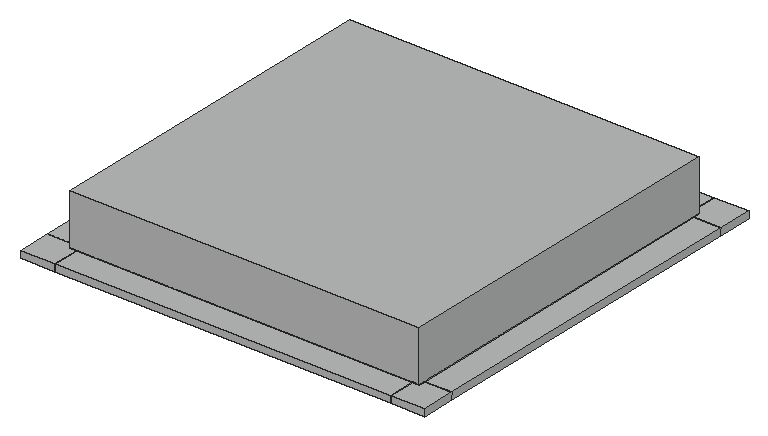
Revit family "ALUMOGIPS", category Осветительные приборы, Revit 2019 (continued)
Types (72, lengths in mm): name | Файл фотометрической сетки | built-in parameter 1150105 | Lumens | built-in parameter 1150106 | built-in parameter 1150142 | Wattage | Emit from Rectangle Width | Emit from Rectangle Length | Длина | Материал светильника | Ширина | ADSK_Ток | ADSK_Полная мощность | ADSK_Обозначение | ADSK_Номинальная мощность | ADSK_Наименование | ADSK_Масса | ADSK_Код изделия
  Alumogips-76/opal-sand 595х1195 (IP54, 4000К, белый) | "Светильник ALUMOGIPS-76 OPAL-SAND-(595x1195).IES" | 604.79 (stored number, unit not read) | 7600 lm | 6.0479 (stored number, unit not read) | "IESNA:LM-63-95\r\n[TEST] Протокол № 9 \r\n[DATA]17.06.2016\r\n[MORE] \r\n[MANUFAC] ЗАО \"Центрстройсвет\"\r\n[LUMCAT]  Светильник CSVT ALUMOGIPS 76/OPAL-SAND-(595x1195)\r\n[LUMINAIRE]\r\n[LAMPCAT] Светодиоды\r\n[LAMP] Поток источника света (светодиодов) не известен\r\n[MORE] КСС приведена в абсолютных величинах кд\r\n[MORE] Вместо потока лампы, указан поток светильника.\r\nTILT=NONE\r\n1    7550 1.0 37 73 1 2 0.595 1.195 0.04\r\n1.0 1.0 74.9\r\n0.0 5.0 10.0 15.0 20.0 25.0 30.0 35.0 40.0 45.0 50.0 55.0 60.0 65.0 70.0 75.0 80.0 85.0 90.0 95.0 100.0 105.0 110.0 115.0 120.0 125.0 130.0 135.0 140.0 145.0 150.0 155.0 160.0 165.0 170.0 175.0 180.0\r\n0.0 5.0 10.0 15.0 20.0 25.0 30.0 35.0 40.0 45.0 50.0 55.0 60.0 65.0 70.0 75.0 80.0 85.0 90.0 95.0 100.0 105.0 110.0 115.0 120.0 125.0 130.0 135.0 140.0 145.0 150.0 155.0 160.0 165.0 170.0 175.0 180.0 185.0 190.0 195.0 200.0 205.0 210.0 215.0 220.0 225.0 230.0 235.0 240.0 245.0 250.0 255.0 260.0 265.0 270.0 275.0 280.0 285.0 290.0 295.0 300.0 305.0 310.0 315.0 320.0 325.0 330.0 335.0 340.0 345.0 350.0 355.0 360.0\r\n2801.4 2785.1 2737.6 2663.2 2562.0 2429.4 2290.6 2118.8 1925.9 1735.4 1535.0 1324.4 1112.9 901.8 690.7 489.4 303.1 133.0 17.7 0.1 0.0 0.0 0.0 0.0 0.0 0.0 0.0 0.0 0.0 0.0 0.1 0.0 0.0 0.0 0.0 0.0 0.0\r\n2801.4 2783.6 2740.4 2670.6 2563.2 2433.9 2284.8 2117.8 1931.7 1740.0 1531.7 1320.8 1111.8 900.3 688.8 487.1 302.0 131.8 17.4 0.1 0.0 0.0 0.0 0.0 0.0 0.0 0.0 0.0 0.0 0.1 0.2 0.0 0.0 0.0 0.0 0.0 0.0\r\n2801.4 2783.8 2740.1 2669.6 2559.8 2437.9 2282.9 2111.9 1930.5 1728.9 1531.4 1321.6 1111.6 899.1 686.0 486.5 299.7 131.3 16.8 0.0 0.0 0.0 0.0 0.0 0.0 0.0 0.0 0.0 0.0 0.2 0.2 0.0 0.0 0.0 0.0 0.0 0.0\r\n2801.4 2785.7 2740.9 2666.1 2563.1 2439.1 2281.6 2114.8 1927.2 1733.6 1527.4 1319.2 1106.4 894.2 684.5 484.4 297.8 130.0 15.9 0.0 0.0 0.0 0.0 0.0 0.0 0.0 0.0 0.0 0.0 0.2 0.2 0.0 0.0 0.0 0.0 0.0 0.0\r\n2801.4 2787.7 2735.0 2667.8 2565.9 2434.8 2279.5 2114.9 1929.7 1734.5 1529.4 1317.9 1103.8 893.2 684.3 483.2 295.6 129.2 15.3 0.0 0.0 0.0 0.0 0.0 0.0 0.0 0.0 0.0 0.0 0.2 0.3 0.0 0.0 0.0 0.0 0.0 0.0\r\n2801.4 2788.1 2737.0 2667.9 2568.6 2430.9 2285.5 2111.7 1926.2 1727.4 1528.1 1317.9 1105.0 892.3 683.4 483.3 294.5 128.2 14.9 0.0 0.0 0.0 0.0 0.0 0.0 0.0 0.0 0.0 0.0 0.2 0.3 0.0 0.0 0.0 0.0 0.0 0.0\r\n2801.4 2787.4 2739.0 2670.1 2564.0 2433.7 2278.9 2109.0 1926.1 1733.9 1524.6 1315.4 1104.0 890.7 681.8 479.4 293.8 128.0 14.6 0.0 0.0 0.0 0.0 0.0 0.0 0.0 0.0 0.0 0.0 0.1 0.3 0.1 0.0 0.0 0.0 0.0 0.0\r\n2801.4 2786.3 2739.7 2669.4 2557.4 2432.8 2277.6 2111.7 1931.1 1727.3 1525.2 1315.1 1102.2 889.6 681.4 479.6 291.8 127.8 14.2 0.0 0.0 0.0 0.0 0.0 0.0 0.0 0.0 0.0 0.0 0.1 0.3 0.2 0.0 0.0 0.0 0.0 0.0\r\n2801.4 2785.3 2742.5 2668.2 2563.1 2432.7 2280.9 2112.8 1924.8 1728.9 1524.9 1314.9 1101.8 890.7 677.5 480.9 291.0 127.5 13.7 0.0 0.0 0.0 0.0 0.0 0.0 0.0 0.0 0.0 0.0 0.0 0.3 0.2 0.0 0.0 0.0 0.0 0.0\r\n2801.4 2784.5 2742.4 2670.1 2562.6 2435.3 2283.6 2107.5 1924.8 1723.4 1524.0 1312.7 1101.8 886.6 680.9 477.5 290.9 127.4 13.2 0.0 0.0 0.0 0.0 0.0 0.0 0.0 0.0 0.0 0.0 0.0 0.2 0.2 0.0 0.0 0.0 0.0 0.0\r\n2801.4 2783.5 2743.9 2664.8 2565.6 2437.3 2287.2 2105.1 1922.5 1726.2 1522.2 1313.8 1100.7 888.5 679.6 476.6 290.4 127.0 12.5 0.0 0.0 0.0 0.0 0.0 0.0 0.0 0.0 0.0 0.0 0.0 0.2 0.3 0.0 0.0 0.0 0.0 0.0\r\n2801.4 2782.7 2742.5 2665.0 2564.3 2440.9 2278.7 2108.3 1920.9 1727.3 1521.8 1311.4 1099.6 888.9 677.4 478.3 289.0 127.4 12.0 0.0 0.0 0.0 0.0 0.0 0.0 0.0 0.0 0.0 0.0 0.0 0.2 0.4 0.0 0.0 0.0 0.0 0.0\r\n2801.4 2783.4 2743.4 2670.1 2565.6 2440.4 2281.8 2110.3 1923.2 1725.4 1520.9 1312.2 1097.8 887.1 679.8 476.2 289.6 126.5 11.0 0.0 0.0 0.0 0.0 0.0 0.0 0.0 0.0 0.0 0.0 0.0 0.2 0.5 0.0 0.0 0.0 0.0 0.0\r\n2801.4 2785.1 2742.5 2669.7 2568.0 2432.5 2279.3 2107.4 1924.9 1724.7 1522.4 1312.9 1100.4 886.8 678.4 476.6 291.0 125.4 10.2 0.0 0.0 0.0 0.0 0.0 0.0 0.0 0.0 0.0 0.0 0.0 0.2 0.5 0.0 0.0 0.0 0.0 0.0\r\n2801.4 2786.5 2740.0 2669.5 2575.5 2435.6 2280.3 2108.8 1922.7 1724.0 1526.1 1310.2 1095.3 887.4 677.8 477.5 287.8 127.4 10.0 0.0 0.0 0.0 0.0 0.0 0.0 0.0 0.0 0.0 0.0 0.0 0.2 0.6 0.0 0.0 0.0 0.0 0.0\r\n2801.4 2786.7 2740.5 2670.6 2573.0 2438.9 2275.4 2107.1 1917.0 1722.5 1517.4 1310.8 1097.8 887.0 678.6 476.7 287.7 127.4 9.4 0.0 0.0 0.0 0.0 0.0 0.0 0.0 0.0 0.0 0.0 0.0 0.1 0.7 0.0 0.0 0.0 0.0 0.0\r\n2801.4 2786.2 2741.4 2673.1 2574.2 2432.8 2279.2 2101.4 1922.2 1719.6 1519.1 1310.3 1098.5 884.9 676.9 471.5 290.5 126.8 9.3 0.0 0.0 0.0 0.0 0.0 0.0 0.0 0.0 0.0 0.0 0.0 0.1 0.7 0.0 0.0 0.0 0.0 0.0\r\n2801.4 2786.0 2743.7 2673.4 2579.7 2439.7 2280.3 2110.3 1920.8 1719.9 1524.4 1312.9 1099.7 886.3 677.8 474.8 288.9 127.4 9.7 0.0 0.0 0.0 0.0 0.0 0.0 0.0 0.0 0.0 0.0 0.0 0.1 0.8 0.0 0.0 0.0 0.0 0.0\r\n2801.4 2786.3 2742.9 2669.8 2577.9 2439.3 2277.0 2103.8 1922.6 1726.9 1519.1 1310.8 1097.5 886.4 677.5 472.8 288.8 128.0 9.4 0.0 0.0 0.0 0.0 0.0 0.0 0.0 0.0 0.0 0.0 0.0 0.1 0.8 0.0 0.0 0.0 0.0 0.0\r\n2801.4 2786.2 2743.1 2670.4 2578.2 2440.7 2276.9 2105.5 1923.0 1727.2 1519.6 1311.1 1096.4 886.5 676.9 471.9 288.6 128.0 9.3 0.0 0.0 0.0 0.0 0.0 0.0 0.0 0.0 0.0 0.0 0.0 0.1 0.8 0.0 0.0 0.0 0.0 0.0\r\n2801.4 2786.0 2743.4 2673.6 2579.2 2437.4 2278.9 2108.3 1921.0 1720.5 1524.2 1312.9 1099.5 886.0 678.5 475.2 288.9 127.7 9.7 0.0 0.0 0.0 0.0 0.0 0.0 0.0 0.0 0.0 0.0 0.0 0.1 0.7 0.0 0.0 0.0 0.0 0.0\r\n2801.4 2786.3 2741.0 2672.8 2573.1 2434.3 2279.9 2101.6 1921.5 1719.9 1519.4 1310.8 1098.8 884.7 676.7 472.2 290.2 126.2 9.4 0.0 0.0 0.0 0.0 0.0 0.0 0.0 0.0 0.0 0.0 0.0 0.1 0.7 0.0 0.0 0.0 0.0 0.0\r\n2801.4 2786.8 2740.4 2670.1 2573.6 2438.3 2275.9 2107.2 1916.7 1721.4 1517.2 1309.7 1098.4 887.4 678.7 476.2 288.5 127.3 9.4 0.0 0.0 0.0 0.0 0.0 0.0 0.0 0.0 0.0 0.0 0.0 0.1 0.6 0.0 0.0 0.0 0.0 0.0\r\n2801.4 2786.3 2740.2 2669.7 2574.4 2436.1 2280.1 2107.9 1924.3 1724.9 1525.9 1311.1 1095.1 886.7 677.5 477.8 288.0 127.4 10.0 0.0 0.0 0.0 0.0 0.0 0.0 0.0 0.0 0.0 0.0 0.0 0.2 0.6 0.0 0.0 0.0 0.0 0.0\r\n2801.4 2784.7 2743.1 2669.7 2567.5 2432.5 2279.9 2108.9 1923.1 1724.7 1522.2 1312.8 1100.6 887.2 678.1 477.5 290.2 125.6 10.4 0.0 0.0 0.0 0.0 0.0 0.0 0.0 0.0 0.0 0.0 0.0 0.2 0.5 0.0 0.0 0.0 0.0 0.0\r\n2801.4 2783.2 2743.0 2669.5 2565.0 2440.4 2281.5 2110.2 1924.6 1725.2 1522.4 1312.5 1097.6 887.6 680.6 475.2 290.4 126.5 11.2 0.0 0.0 0.0 0.0 0.0 0.0 0.0 0.0 0.0 0.0 0.0 0.2 0.4 0.0 0.0 0.0 0.0 0.0\r\n2801.4 2782.8 2742.8 2664.4 2564.0 2441.1 2277.9 2108.3 1919.7 1727.4 1521.6 1311.8 1099.5 888.9 677.5 478.6 288.7 127.4 12.1 0.0 0.0 0.0 0.0 0.0 0.0 0.0 0.0 0.0 0.0 0.0 0.2 0.3 0.0 0.0 0.0 0.0 0.0\r\n2801.4 2783.7 2743.7 2665.6 2565.3 2436.1 2288.3 2105.8 1923.1 1725.8 1522.5 1313.8 1101.5 888.8 678.9 476.9 290.5 127.1 12.8 0.0 0.0 0.0 0.0 0.0 0.0 0.0 0.0 0.0 0.0 0.0 0.2 0.2 0.0 0.0 0.0 0.0 0.0\r\n2801.4 2784.7 2742.3 2670.3 2562.8 2435.0 2284.0 2107.7 1924.6 1725.6 1523.4 1312.6 1101.1 886.4 681.5 477.7 291.1 127.3 13.4 0.0 0.0 0.0 0.0 0.0 0.0 0.0 0.0 0.0 0.0 0.0 0.3 0.2 0.0 0.0 0.0 0.0 0.0\r\n2801.4 2785.4 2742.2 2668.2 2562.5 2433.7 2279.9 2112.7 1926.2 1727.8 1524.6 1315.4 1102.1 890.8 677.5 481.1 290.8 127.7 13.8 0.0 0.0 0.0 0.0 0.0 0.0 0.0 0.0 0.0 0.0 0.1 0.3 0.2 0.0 0.0 0.0 0.0 0.0\r\n2801.4 2786.5 2739.3 2669.5 2557.0 2431.0 2277.2 2111.7 1930.1 1727.5 1526.2 1314.4 1102.1 889.6 681.7 479.6 292.4 127.8 14.3 0.0 0.0 0.0 0.0 0.0 0.0 0.0 0.0 0.0 0.0 0.1 0.3 0.1 0.0 0.0 0.0 0.0 0.0\r\n2801.4 2787.6 2738.8 2670.1 2566.8 2433.7 2280.1 2108.4 1926.6 1733.6 1526.4 1317.2 1105.5 890.9 682.2 479.7 293.8 128.0 14.7 0.0 0.0 0.0 0.0 0.0 0.0 0.0 0.0 0.0 0.0 0.1 0.3 0.1 0.0 0.0 0.0 0.0 0.0\r\n2801.4 2788.2 2736.3 2667.5 2567.1 2433.1 2285.2 2112.2 1926.5 1727.4 1526.8 1317.6 1104.6 893.0 683.4 483.8 294.8 128.4 14.9 0.0 0.0 0.0 0.0 0.0 0.0 0.0 0.0 0.0 0.0 0.2 0.3 0.0 0.0 0.0 0.0 0.0 0.0\r\n2801.4 2787.4 2735.7 2667.6 2565.5 2434.1 2279.6 2115.7 1929.9 1735.1 1528.5 1318.3 1103.7 893.8 684.5 483.3 295.8 129.3 15.4 0.0 0.0 0.0 0.0 0.0 0.0 0.0 0.0 0.0 0.0 0.2 0.2 0.0 0.0 0.0 0.0 0.0 0.0\r\n2801.4 2785.3 2741.4 2666.4 2562.5 2438.5 2281.4 2114.5 1927.8 1733.3 1529.6 1318.7 1107.1 894.2 684.8 484.7 298.3 130.2 16.2 0.0 0.0 0.0 0.0 0.0 0.0 0.0 0.0 0.0 0.0 0.2 0.2 0.0 0.0 0.0 0.0 0.0 0.0\r\n2801.4 2783.6 2740.0 2670.2 2560.3 2439.0 2281.8 2112.7 1930.5 1729.7 1531.4 1321.8 1111.6 899.4 686.5 487.0 300.1 131.4 17.0 0.0 0.0 0.0 0.0 0.0 0.0 0.0 0.0 0.0 0.0 0.2 0.2 0.0 0.0 0.0 0.0 0.0 0.0\r\n2801.4 2783.8 2740.1 2669.6 2563.6 2432.3 2286.0 2116.4 1932.0 1740.1 1531.9 1321.8 1112.6 901.0 689.2 487.4 302.2 132.0 17.6 0.1 0.0 0.0 0.0 0.0 0.0 0.0 0.0 0.0 0.0 0.1 0.1 0.0 0.0 0.0 0.0 0.0 0.0\r\n2801.4 2785.5 2737.1 2663.3 2561.8 2431.3 2291.7 2119.0 1926.3 1736.5 1535.0 1324.6 1112.8 901.5 690.9 489.7 303.6 133.1 17.8 0.1 0.0 0.0 0.0 0.0 0.0 0.0 0.0 0.0 0.0 0.0 0.0 0.0 0.0 0.0 0.0 0.0 0.0\r\n2801.4 2786.9 2737.3 2668.9 2562.8 2437.7 2285.9 2119.0 1936.6 1742.8 1535.6 1329.2 1117.7 904.4 692.0 490.7 304.9 134.5 18.0 0.1 0.0 0.0 0.0 0.0 0.0 0.0 0.0 0.0 0.0 0.0 0.0 0.0 0.0 0.0 0.0 0.0 0.0\r\n2801.4 2786.7 2739.2 2663.9 2564.2 2432.7 2285.5 2113.9 1936.0 1744.3 1537.9 1329.1 1118.6 903.3 695.7 492.3 305.8 136.0 18.2 0.1 0.0 0.0 0.0 0.0 0.0 0.0 0.0 0.0 0.1 0.1 0.0 0.0 0.0 0.0 0.0 0.0 0.0\r\n2801.4 2785.5 2737.3 2663.2 2568.9 2440.3 2284.0 2126.7 1933.3 1744.6 1539.5 1333.5 1118.0 906.0 695.8 495.1 307.2 137.4 18.3 0.1 0.0 0.0 0.0 0.0 0.0 0.0 0.0 0.0 0.1 0.1 0.0 0.0 0.0 0.0 0.0 0.0 0.0\r\n2801.4 2785.3 2737.3 2662.9 2556.7 2434.0 2287.7 2125.9 1937.9 1745.2 1542.6 1330.5 1120.7 907.0 698.9 495.4 307.6 138.6 18.4 0.1 0.0 0.0 0.0 0.0 0.0 0.0 0.0 0.0 0.0 0.1 0.0 0.0 0.0 0.0 0.0 0.0 0.0\r\n2801.4 2786.7 2737.3 2664.2 2562.9 2437.7 2287.7 2121.2 1939.3 1740.9 1541.9 1332.0 1124.0 908.1 702.4 497.7 307.1 139.5 18.6 0.0 0.0 0.0 0.0 0.0 0.0 0.0 0.0 0.0 0.0 0.1 0.0 0.0 0.0 0.0 0.0 0.0 0.0\r\n2801.4 2787.5 2735.9 2663.3 2561.5 2436.6 2283.6 2117.2 1939.2 1746.3 1547.1 1338.3 1124.5 911.0 701.3 497.4 308.3 140.6 18.4 0.0 0.0 0.0 0.0 0.0 0.0 0.0 0.0 0.0 0.1 0.1 0.0 0.0 0.0 0.0 0.0 0.0 0.0\r\n2801.4 2786.9 2736.7 2660.5 2562.5 2432.8 2285.7 2118.8 1939.9 1745.3 1546.5 1333.3 1126.2 911.7 701.7 498.6 308.5 140.4 18.3 0.0 0.0 0.0 0.0 0.0 0.0 0.0 0.0 0.0 0.0 0.1 0.0 0.0 0.0 0.0 0.0 0.0 0.0\r\n2801.4 2786.0 2740.0 2662.7 2561.6 2432.7 2285.4 2121.9 1941.7 1747.4 1545.5 1338.8 1126.5 911.1 703.5 499.5 309.2 140.5 18.1 0.0 0.0 0.0 0.0 0.0 0.0 0.0 0.0 0.0 0.0 0.0 0.0 0.0 0.0 0.0 0.0 0.0 0.0\r\n2801.4 2785.3 2740.1 2665.5 2560.9 2431.9 2280.7 2123.2 1944.4 1748.3 1546.5 1337.6 1128.1 912.6 703.2 500.1 308.6 141.7 17.7 0.0 0.0 0.0 0.0 0.0 0.0 0.0 0.0 0.0 0.1 0.0 0.0 0.0 0.0 0.0 0.0 0.0 0.0\r\n2801.4 2785.1 2738.3 2661.5 2554.3 2430.0 2287.1 2124.1 1942.5 1749.7 1550.8 1339.2 1127.5 913.7 702.5 498.5 311.4 141.4 16.8 0.0 0.0 0.0 0.0 0.0 0.0 0.0 0.0 0.1 0.2 0.0 0.0 0.0 0.0 0.0 0.0 0.0 0.0\r\n2801.4 2785.0 2740.3 2660.5 2557.0 2431.7 2284.0 2122.2 1942.5 1753.3 1548.2 1337.3 1128.7 914.1 703.2 500.9 309.3 141.9 16.2 0.0 0.0 0.0 0.0 0.0 0.0 0.0 0.0 0.2 0.2 0.0 0.0 0.0 0.0 0.0 0.0 0.0 0.0\r\n2801.4 2784.6 2737.5 2662.5 2558.0 2426.3 2287.7 2120.1 1942.9 1751.4 1551.8 1339.6 1128.3 914.0 703.1 503.4 308.4 142.2 15.6 0.0 0.0 0.0 0.0 0.0 0.0 0.0 0.0 0.2 0.3 0.0 0.0 0.0 0.0 0.0 0.0 0.0 0.0\r\n2801.4 2784.0 2737.3 2660.7 2555.7 2431.7 2286.2 2123.1 1945.1 1751.7 1549.2 1343.7 1129.3 916.9 706.1 500.5 311.7 143.4 15.2 0.0 0.0 0.0 0.0 0.0 0.0 0.0 0.1 0.2 0.4 0.0 0.0 0.0 0.0 0.0 0.0 0.0 0.0\r\n2801.4 2783.5 2739.6 2659.1 2549.2 2429.8 2289.3 2124.6 1942.0 1751.8 1547.5 1338.7 1129.6 916.1 706.0 502.1 311.0 142.5 15.1 0.0 0.0 0.0 0.0 0.0 0.0 0.0 0.1 0.2 0.4 0.0 0.0 0.0 0.0 0.0 0.0 0.0 0.0\r\n2801.4 2783.5 2738.2 2659.1 2551.1 2429.3 2285.5 2122.0 1945.1 1752.3 1552.7 1345.3 1130.2 916.9 708.9 501.2 310.1 144.3 15.1 0.0 0.0 0.0 0.0 0.0 0.0 0.0 0.1 0.3 0.4 0.0 0.0 0.0 0.0 0.0 0.0 0.0 0.0\r\n2801.4 2784.2 2738.8 2660.6 2548.9 2425.4 2284.7 2124.8 1944.3 1749.7 1549.0 1340.8 1132.0 920.4 709.2 500.6 312.3 145.6 14.8 0.0 0.0 0.0 0.0 0.0 0.0 0.0 0.2 0.3 0.4 0.0 0.0 0.0 0.0 0.0 0.0 0.0 0.0\r\n2801.4 2785.1 2739.0 2658.3 2548.0 2430.3 2287.7 2128.7 1944.8 1755.6 1552.9 1344.8 1127.7 918.2 708.1 501.1 310.9 143.6 14.3 0.0 0.0 0.0 0.0 0.0 0.0 0.0 0.2 0.2 0.4 0.0 0.0 0.0 0.0 0.0 0.0 0.0 0.0\r\n2801.4 2785.0 2739.0 2659.4 2548.6 2430.6 2288.4 2129.0 1946.0 1755.7 1553.6 1344.8 1125.6 916.3 706.8 500.7 309.9 143.0 14.3 0.0 0.0 0.0 0.0 0.0 0.0 0.0 0.2 0.2 0.4 0.0 0.0 0.0 0.0 0.0 0.0 0.0 0.0\r\n2801.4 2784.1 2738.5 2660.1 2548.7 2426.1 2284.6 2124.3 1944.6 1750.2 1548.5 1341.2 1132.9 920.6 709.6 500.8 312.6 145.6 14.8 0.0 0.0 0.0 0.0 0.0 0.0 0.0 0.2 0.3 0.4 0.0 0.0 0.0 0.0 0.0 0.0 0.0 0.0\r\n2801.4 2783.5 2738.5 2659.2 2551.9 2429.0 2285.2 2123.1 1944.2 1752.7 1554.1 1344.7 1129.6 917.7 709.3 501.3 310.2 144.4 14.9 0.0 0.0 0.0 0.0 0.0 0.0 0.0 0.1 0.3 0.4 0.0 0.0 0.0 0.0 0.0 0.0 0.0 0.0\r\n2801.4 2783.5 2739.5 2659.3 2548.8 2429.7 2289.5 2124.0 1941.5 1750.2 1546.8 1338.9 1130.1 915.3 705.9 502.4 309.9 142.5 15.3 0.0 0.0 0.0 0.0 0.0 0.0 0.0 0.1 0.2 0.4 0.0 0.0 0.0 0.0 0.0 0.0 0.0 0.0\r\n2801.4 2784.1 2736.6 2661.3 2556.7 2431.5 2285.9 2122.0 1945.8 1752.1 1549.3 1343.5 1129.1 916.9 705.5 500.2 312.6 142.8 15.3 0.0 0.0 0.0 0.0 0.0 0.0 0.0 0.0 0.2 0.4 0.0 0.0 0.0 0.0 0.0 0.0 0.0 0.0\r\n2801.4 2784.7 2738.2 2662.1 2558.6 2427.2 2287.5 2120.9 1941.9 1750.0 1550.5 1339.6 1127.8 914.1 703.8 502.7 308.6 142.3 15.6 0.0 0.0 0.0 0.0 0.0 0.0 0.0 0.0 0.2 0.2 0.0 0.0 0.0 0.0 0.0 0.0 0.0 0.0\r\n2801.4 2785.0 2740.0 2660.6 2556.4 2430.7 2282.5 2122.9 1942.2 1754.8 1549.0 1337.6 1128.6 914.4 701.8 501.3 309.2 141.9 16.3 0.0 0.0 0.0 0.0 0.0 0.0 0.0 0.0 0.1 0.2 0.0 0.0 0.0 0.0 0.0 0.0 0.0 0.0\r\n2801.4 2785.1 2738.3 2661.9 2554.4 2431.0 2289.2 2123.3 1943.9 1748.6 1550.3 1339.2 1127.2 913.4 702.6 498.5 311.2 141.1 17.0 0.0 0.0 0.0 0.0 0.0 0.0 0.0 0.0 0.1 0.2 0.0 0.0 0.0 0.0 0.0 0.0 0.0 0.0\r\n2801.4 2785.4 2740.5 2665.8 2562.2 2431.4 2279.8 2124.1 1942.8 1748.1 1547.0 1337.3 1128.6 912.0 703.8 498.9 308.4 141.7 17.7 0.0 0.0 0.0 0.0 0.0 0.0 0.0 0.0 0.0 0.1 0.0 0.0 0.0 0.0 0.0 0.0 0.0 0.0\r\n2801.4 2786.1 2739.5 2661.5 2562.2 2433.4 2285.9 2120.6 1941.9 1748.4 1543.7 1338.3 1125.8 911.4 701.9 500.5 309.1 140.4 18.2 0.0 0.0 0.0 0.0 0.0 0.0 0.0 0.0 0.0 0.0 0.0 0.0 0.0 0.0 0.0 0.0 0.0 0.0\r\n2801.4 2787.1 2736.2 2661.1 2560.8 2433.8 2284.0 2117.5 1940.0 1745.1 1547.1 1333.3 1125.8 911.1 702.0 498.1 308.3 140.4 18.3 0.0 0.0 0.0 0.0 0.0 0.0 0.0 0.0 0.0 0.1 0.1 0.0 0.0 0.0 0.0 0.0 0.0 0.0\r\n2801.4 2787.5 2736.1 2663.6 2563.1 2435.4 2286.8 2118.9 1937.6 1745.6 1546.6 1337.6 1124.9 911.1 701.8 497.2 308.0 140.5 18.5 0.0 0.0 0.0 0.0 0.0 0.0 0.0 0.0 0.0 0.1 0.1 0.0 0.0 0.0 0.0 0.0 0.0 0.0\r\n2801.4 2786.4 2737.4 2664.5 2561.6 2437.6 2286.9 2120.4 1940.7 1741.5 1541.1 1331.6 1123.8 907.4 701.2 497.3 307.1 139.3 18.6 0.0 0.0 0.0 0.0 0.0 0.0 0.0 0.0 0.0 0.0 0.1 0.0 0.0 0.0 0.0 0.0 0.0 0.0\r\n2801.4 2785.2 2737.3 2662.3 2558.2 2435.6 2286.1 2124.6 1937.9 1744.7 1543.5 1330.0 1120.0 906.2 698.7 495.4 307.5 138.5 18.4 0.1 0.0 0.0 0.0 0.0 0.0 0.0 0.0 0.0 0.0 0.1 0.0 0.0 0.0 0.0 0.0 0.0 0.0\r\n2801.4 2785.6 2737.6 2663.6 2569.0 2439.1 2285.2 2127.4 1933.6 1743.5 1538.8 1334.1 1117.6 906.5 695.9 494.5 307.0 137.1 18.3 0.1 0.0 0.0 0.0 0.0 0.0 0.0 0.0 0.0 0.1 0.1 0.0 0.0 0.0 0.0 0.0 0.0 0.0\r\n2801.4 2786.9 2739.1 2664.5 2563.5 2433.2 2284.7 2114.5 1934.4 1744.1 1538.1 1328.4 1118.8 902.8 695.1 492.0 305.7 135.6 18.2 0.1 0.0 0.0 0.0 0.0 0.0 0.0 0.0 0.0 0.1 0.1 0.0 0.0 0.0 0.0 0.0 0.0 0.0\r\n2801.4 2786.8 2737.0 2668.8 2562.8 2437.8 2286.5 2117.8 1937.3 1743.3 1534.3 1328.6 1116.9 903.7 691.6 490.4 304.7 134.2 17.9 0.1 0.0 0.0 0.0 0.0 0.0 0.0 0.0 0.0 0.0 0.0 0.0 0.0 0.0 0.0 0.0 0.0 0.0\r\n2801.4 2785.1 2737.6 2663.2 2562.0 2429.4 2290.6 2118.8 1925.9 1735.4 1535.0 1324.4 1112.9 901.8 690.7 489.4 303.1 133.0 17.7 0.1 0.0 0.0 0.0 0.0 0.0 0.0 0.0 0.0 0.0 0.0 0.1 0.0 0.0 0.0 0.0 0.0 0.0\r\n" | 51.164 W | 575 | 
    1175 | 1195 | RAL 9001 | 595 | 0.359168 A | 82.6087 VA | "Alumogips-76/opal-sand 595х1195 (IP54, 4000К, белый)" | 76 W | "Встраиваемый светодиодный светильник Alumogips-76/opal-sand 595х1195 (IP54, 4000К, белый)" | 5 | "ЦБ000008051"
